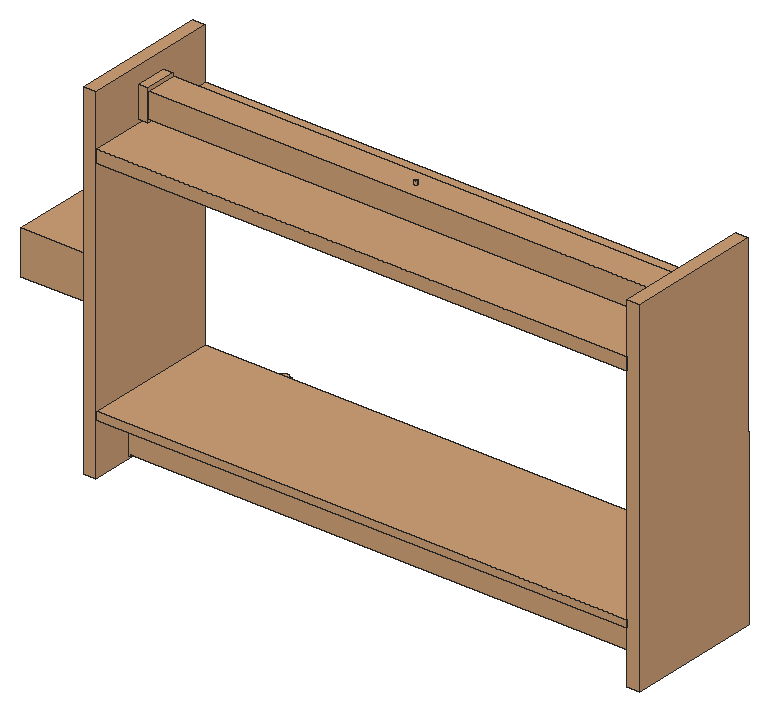
Revit family
Parameters
  Center of Unit = 0' - 0"  # constant formula
  Total Heating Capacity [instance] = 0.0 Btu/h
  Series = "VIFB"
  Outlet Area = 21.40 SF
  Lower Frame Thickness = if(Headers Height = 0' 3", 0' 1 1/4", if(Headers Height = 0' 3 1/4", 0' 1 1/4", 0' 0"))  # 0' - 1 1/4"
  Water Pressure Drop [instance] = 0.00 psi
  Water Flow [instance] = 0 GPM
  Unit Weight (lbs) = 898
  URL = "http://www.ljwing.com/"
  Water Outlet Radius = 0' - 1 1/2"
  Headers Height = if(M = 0' 1", 0' 3", if(M = 0' 1 1/2", 0' 3 1/4", 0' 0"))  # 0' - 3 1/4"
  Number of Rows = 2  # constant formula
  Number of Coils [instance] = 0
  Nominal Length = 7' - 5 3/4"
  N = 1' - 0 3/4"
  Model = "VB-8W"
  Manufacturer = "LJ Wing"
  M = 0' - 1 1/2"
  Leaving Water Temperature [instance] = 0 °F
  Leaving Air Temperature [instance] = 0 °F
  Entering Water Temperature [instance] = 0 °F
  Entering Air Temperature [instance] = 0 °F
  Description = "Vertical Integral Face & Bypass Water Heating Coils"
  Hot Water Inlet  Radius = 0' - 1 1/2"
  Coil Face Area = Outlet Area * 0.56  # 11.984 SF
  Casing Material = ""
  Assembly Code = "D3020300"
  Air Vent Radius = 0' - 0 1/4"
  Air Pressure Drop [instance] = 0.00 in-wg
  Air Inlet Width = Nominal Length - 0' 4"  # 7' - 1 3/4"
  Air Inlet Height = Y  # 3' - 0"
  Air Flow [instance] = 0 CFM
  Y = 3' - 0"
  S = 0' - 9 3/4"  # constant formula
  Product URL = "http://www.ljwing.com/html/vifb.asp"
  OmniClass = "23-75 70 21 14 "
  Nominal Height = 4' - 8"
  Nominal Depth = 1' - 10"
  R = 0' - 10 1/4"  # constant formula
  Q = 0' - 2 7/8"
Reference planes (in)
  plane 1 "Center (Front/Back)": y = 0
  plane 2: z = -18
  plane 3 "Center (Left/Right)": x = 0
  plane 4: z = 28.25
  plane 5: x = -44.875
  plane 6: x = 44.875
  plane 7: z = -27.75
  plane 8: z = 0
  plane 9: y = -11
  plane 10: y = 11
  plane 11: z = 18
  plane 12: z = 20
  plane 13: z = -19.25
  plane 14: x = 42.875
  plane 15: x = -42.875
  plane 16: x = -42
  plane 17: x = 42
  plane 18: y = 14.0625
  plane 19: x = -55.875
  plane 20: z = 25.125
  plane 21: z = 21.125
  plane 22: y = -2.5
  plane 23: y = 2.5
  plane 24: y = -4.5
  plane 25: z = -25.375
  plane 26: x = -32.125
  plane 27: x = 32.125
  plane 28: z = -21.375
Forms (in)
  Extrusion 1, solid, material "Painted Finish"
    sketch origin (0, 6, -9.75) x (1, 0, 0) y (0, 0, 1)
      loop
        line (-44.875, -18) -> (-42.875, -18) -> (-42.875, 38) -> (-44.875, 38) -> (-44.875, -18)
      loop
        line (44.875, -18) -> (44.875, 38) -> (42.875, 38) -> (42.875, -18) -> (44.875, -18)
    from -5 to 17
  Extrusion 2, solid, material "Painted Finish"
    sketch origin (0, 6, 0) x (1, 0, 0) y (0, 0, 1)
      loop
        line (42.875, -18) -> (-42.875, -18) -> (-42.875, -19.25) -> (42.875, -19.25) -> (42.875, -18)
      loop
        line (42.875, 18) -> (42.875, 20) -> (-42.875, 20) -> (-42.875, 18) -> (42.875, 18)
    from -5 to 17
  Extrusion 3, solid, material "Painted Finish"
    sketch origin (0, 10, -0.5) x (1, 0, 0) y (0, 0, 1)
      loop
        line (-44.875, 4) -> (-55.875, 4) -> (-55.875, -3) -> (-44.875, -3) -> (-44.875, 4)
    from 0 to 20
  Extrusion 4, solid, material "Painted Finish"
    sketch origin (0, 6, 0) x (1, 0, 0) y (0, 0, 1)
      loop
        line (-41.25, 25.125) -> (-41.25, 21.125) -> (41.25, 21.125) -> (41.25, 25.125) -> (-41.25, 25.125)
    from 3.5 to 8.5
  Extrusion 5, solid, material "Painted Finish"
    sketch origin (0, 0, 0) x (1, 0, 0) y (0, 0, 1)
      loop
        line (-41.25, 20.625) -> (-41.25, 25.625) -> (-42.875, 25.625) -> (-42.875, 20.625) -> (-41.25, 20.625)
      loop
        line (42.875, 20.625) -> (42.875, 25.625) -> (41.25, 25.625) -> (41.25, 20.625) -> (42.875, 20.625)
    from -2.5 to 2.5
  Extrusion 6, solid, material "Painted Finish"
    sketch origin (0, 6, 0) x (1, 0, 0) y (0, 0, 1)
      loop
        line (-42.375, -19.75) -> (-42.375, -19.5) -> (-42.875, -19.5) -> (-42.875, -23.25) -> (-42.375, -23.25) -> (-42.375, -23) -> (42.375, -23) -> (42.375, -23.25) -> (42.875, -23.25) -> (42.875, -19.5) -> (42.375, -19.5) -> (42.375, -19.75) -> (-42.375, -19.75)
      loop
        line (42.375, -27) -> (42.375, -27.125) -> (42.875, -27.125) -> (42.875, -23.5) -> (42.375, -23.5) -> (42.375, -23.75) -> (-42.375, -23.75) -> (-42.375, -23.5) -> (-42.875, -23.5) -> (-42.875, -27.25) -> (-42.375, -27.25) -> (-42.375, -27) -> (42.375, -27)
    from -5 to 10.5
  Extrusion 7, void
    sketch origin (0, 0, 0) x (1, 0, 0) y (0, 0, 1)
      loop
        line (-42.875, 18) -> (-42.875, -18) -> (42.875, -18) -> (42.875, 18) -> (-42.875, 18)
    from -11 to 11
  Extrusion 8, solid, material "Painted Finish"
    sketch origin (0, 0, 0) x (1, 0, 0) y (0, 0, 1)
      loop
        circle (32.125, -25.375) r 1.5
      loop
        circle (-32.125, -21.375) r 1.5
    from -14.0625 to -11
  Extrusion 9, solid, material "Painted Finish"
    sketch origin (0, 0, 0) x (1, 0, 0) y (0, 1, 0)
      loop
        circle (0, 0) r 0.25
    from 25.125 to 25.625
Cuts and joins
  Extrusion 7 cuts Extrusion 1
  Extrusion 7 cuts Extrusion 2
Dimensions and locks (in)
  "Nominal Length": plane 6 to plane 5
  equal spacing: plane 6, plane 3 "Center (Left/Right)", plane 5
  "S": plane 2 to plane 7
  "Nominal Depth": plane 10 to plane 9
  equal spacing: plane 10, plane 1 "Center (Front/Back)", plane 9
  "Y": plane 11 to plane 2
  "R": plane 4 to plane 11
  locked: plane 12 to plane 11 at 2
  "Lower Frame Thickness": plane 2 to plane 13
  "Q": plane 16 to plane 5
  "Q": plane 6 to plane 17
  locked: plane 18 to plane 10 at 3.0625
  locked: plane 5 to plane 19 at 11
  locked: Extrusion 3 sketch curve to Extrusion 3 sketch curve at 7
  locked: Extrusion 3 to Extrusion 3 at 20
  locked: plane 6 to plane 14 at 2
  locked: plane 15 to plane 5 at 2
  locked: Extrusion 5 sketch curve to plane 20 at 0.5
  locked: plane 21 to Extrusion 5 sketch curve at 0.5
  locked: plane 20 to plane 21 at 4
  locked: plane 23 to plane 22 at 5
  equal spacing: plane 23, plane 1 "Center (Front/Back)", plane 22
  locked: plane 22 to plane 24 at 2
  plane 4 to plane 7 = 4' - 8"
  locked: Extrusion 5 sketch curve to Extrusion 1 at 1.625
  locked: Extrusion 5 sketch curve to Extrusion 5 sketch curve at 1.625
  locked: Extrusion 7 sketch curve to plane 11 at 0
  locked: Extrusion 7 sketch curve to plane 15 at 0
  locked: Extrusion 7 sketch curve to plane 14 at 0
  locked: plane 15 to Extrusion 6 sketch curve at 0.5
  locked: Extrusion 6 sketch curve to Extrusion 6 sketch curve at 0.25  (x2)
  locked: plane 25 to plane 7 at 2.375
  "N": plane 26 to plane 5
  "N": plane 6 to plane 27
  locked: plane 28 to plane 7 at 6.375
  "Headers Height": Extrusion 6 sketch curve to Extrusion 6 sketch curve  (x2)
  locked: Extrusion 8 sketch curve to plane 25 at 0
  locked: Extrusion 8 sketch curve to plane 28 at 0
  locked: Extrusion 9 sketch curve to plane 1 "Center (Front/Back)" at 0
  locked: Extrusion 9 sketch curve to plane 3 "Center (Left/Right)" at 0
  equal spacing: Extrusion 6 sketch curve, plane 28, Extrusion 6 sketch curve
  equal spacing: Extrusion 6 sketch curve, plane 25, Extrusion 6 sketch curve
  locked: plane 4 to plane 20 at 3.125
  locked: Extrusion 7 sketch curve to plane 2 at 0
  equal spacing: plane 11, plane 8, plane 2
  locked: Extrusion 8 sketch curve to plane 27 at 0
  locked: Extrusion 8 sketch curve to plane 26 at 0
  "M": radius of Extrusion 8 sketch curve  (x2)
  "Air Vent Radius": radius of Extrusion 9 sketch curve
  aligned and locked: Extrusion 1 to plane 9
  aligned and locked: Extrusion 1 to plane 10
  aligned and locked: plane 15 to Extrusion 1
  aligned and locked: Extrusion 1 to plane 14
  aligned and locked: plane 9 to Extrusion 2
  aligned and locked: plane 9 to Extrusion 1
  aligned and locked: plane 10 to Extrusion 1  (x2)
  aligned and locked: Extrusion 2 to plane 10
  aligned and locked: plane 10 to Extrusion 2  (x2)
  aligned and locked: Extrusion 2 to plane 9  (x2)
  aligned and locked: plane 5 to Extrusion 3
  aligned and locked: Extrusion 5 sketch curve to plane 15
  aligned and locked: Extrusion 5 sketch curve to Extrusion 4
  aligned and locked: Extrusion 1 to Extrusion 6
  aligned and locked: plane 22 to Extrusion 5
  aligned and locked: Extrusion 5 to Extrusion 4  (x2)
  aligned and locked: Extrusion 5 to plane 23
  aligned and locked: Extrusion 6 to plane 24
  aligned and locked: Extrusion 4 to Extrusion 5  (x2)
  aligned and locked: Extrusion 5 to Extrusion 1  (x2)
  aligned and locked: Extrusion 1 to Extrusion 7  (x2)
  aligned and locked: Extrusion 8 to plane 18
  aligned and locked: Extrusion 8 to plane 10
  aligned and locked: plane 20 to Extrusion 9
  aligned and locked: Extrusion 9 to Extrusion 5
  aligned and locked: plane 2 to cut or joined group of Extrusion 2, Extrusion 7
  aligned and locked: plane 6 to Extrusion 1 sketch curve
  aligned and locked: plane 14 to Extrusion 1 sketch curve
  aligned and locked: Extrusion 1 sketch curve to plane 15
  aligned and locked: Extrusion 1 sketch curve to plane 5
  aligned and locked: Extrusion 1 sketch curve to plane 4  (x2)
  aligned and locked: plane 7 to Extrusion 1 sketch curve  (x2)
  aligned and locked: Extrusion 2 sketch curve to plane 11
  aligned and locked: Extrusion 2 sketch curve to plane 12
  aligned and locked: plane 2 to Extrusion 2 sketch curve
  aligned and locked: Extrusion 2 sketch curve to plane 13
  aligned and locked: Extrusion 2 sketch curve to plane 14  (x2)
  aligned and locked: Extrusion 2 sketch curve to plane 15  (x2)
  aligned and locked: plane 20 to Extrusion 4 sketch curve
  aligned and locked: Extrusion 4 sketch curve to plane 21
  aligned and locked: Extrusion 6 sketch curve to plane 14  (x2)
  aligned and locked: plane 15 to Extrusion 6 sketch curve  (x2)
Automatic sketch dimensions
  Extrusion 3 sketch curve to plane 19 = 0' - 0"
  Extrusion 3 sketch curve to plane 5 = 0' - 0"
  plane 8 to Extrusion 3 sketch curve = 0' - 3 1/2"
  plane 16 to Extrusion 4 sketch curve = 0' - 0 3/4"
  Extrusion 4 sketch curve to plane 17 = 0' - 0 3/4"
  plane 21 to Extrusion 5 sketch curve = 0' - 0 1/2"
  Extrusion 5 sketch curve to plane 20 = 0' - 0 1/2"
  plane 15 to Extrusion 6 sketch curve = 0' - 0 1/2"  (x2)
  Extrusion 6 sketch curve to Extrusion 6 sketch curve = 0' - 0 1/4"  (x5)
  Extrusion 6 sketch curve to Extrusion 6 sketch curve = 0' - 0"  (x2)
  Extrusion 6 sketch curve to plane 14 = 0' - 0 1/2"  (x2)
  Extrusion 6 sketch curve to Extrusion 6 sketch curve = 0' - 0 1/2"
  Extrusion 6 sketch curve to plane 7 = 0' - 0 5/8"
Connectors (in)
  hvac at (0, -11, 0), driven by "Air Inlet Height", driven by "Air Inlet Width", driven by "Air Flow", driven by "Air Pressure Drop"
    settings: on Extrusion 7, index 1
  hvac at (0, 11, 0), driven by "Air Pressure Drop", driven by "Air Inlet Height", driven by "Air Inlet Width", driven by "Air Flow"
    settings: on Extrusion 7, index 2
  piping at (-32.125, 14.0625, -21.375), driven by "M", driven by "Water Flow", driven by "Water Pressure Drop"
    settings: on Extrusion 8, index 4
  piping at (32.125, 14.0625, -25.375), driven by "Water Pressure Drop", driven by "Water Flow", driven by "M"
    settings: on Extrusion 8, index 5
